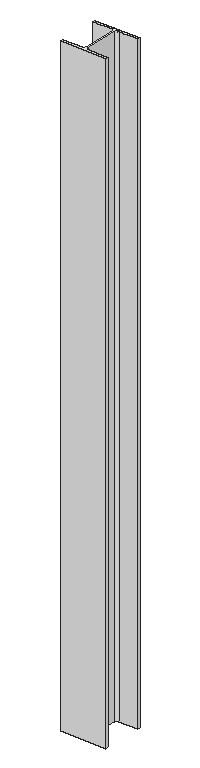
Revit family "28_HEA", category Structural Columns, Revit 2019
Family settings
  Section Shape = Not Defined
  Material for Model Behavior = Steel
  Always export as geometry = No
  Beam cutback in plan = From bounding box
  Cut with Voids When Loaded = No
  Symbolic Representation = From Project Settings
  Shared = No
  Show family pre-cut in plan views = Yes
Parameters (values of type "HEA180")
  Structural Material [instance] = Metal - Steel - 345 MPa
  Assembly Code = ""
  A = 0.003142 m²
  W = 0.24183
  bf = 180 mm
  d = 171 mm
  k = 20.5 mm
  kr = k - tf  # 11 mm
  tf = 9.5 mm
  tw = 6 mm
Types (5, lengths in mm): name | A | W | bf | d | k | kr | tf | tw
  HEA180 | 0.003142 m² | 0.24183 | 180 | 171 | 20.5 | 11 | 9.5 | 6
  HEA240 | 0.00768 m² | 0.59134 | 240 | 230 | 33 | 21 | 12 | 7.5
  HEA200 | 0.00538 m² | 0.41482 | 200 | 190 | 28 | 18 | 10 | 6.5
  HEA140 | 0.003142 m² | 0.24183 | 140 | 133 | 20.5 | 12 | 8.5 | 5.5
  HEA100 | 0.002124 m² | 0.16348 | 100 | 96 | 20 | 12 | 8 | 5
Reference planes
  plane 1: y = 0
  plane 2: z = 0
  plane 3: x = 0
  plane 4: x = -90
  plane 5: x = 90
  plane 6: y = 85.5
  plane 7: y = -85.5
  plane 8: x = -3.969
  plane 9: x = 3.969
Forms (mm)
  Extrusion 1, solid, material "Metal - Steel - 345 MPa" <- "Structural Material", detail levels medium
    sketch origin (0, 0, 0) x (1, 0, 0) y (0, 1, 0)
      loop
        line (-90, 85.5) -> (-90, 76) -> (-3, 76) -> (-3, -76) -> (-90, -76) -> (-90, -85.5) -> (90, -85.5) -> (90, -76) -> (3, -76) -> (3, 76) -> (90, 76) -> (90, 85.5) -> (-90, 85.5)
    from 0 to 2500
  Extrusion 2, solid, material "Metal - Steel - 345 MPa" <- "Structural Material", detail levels fine
    sketch origin (0, 0, 0) x (1, 0, 0) y (0, 1, 0)
      loop
        line (-90, 85.5) -> (-90, 76) -> (-14, 76)
        arc (-14, 76) -> (-6.222, 72.778) -> (-3, 65) r 11
        line (-3, 65) -> (-3, -65)
        arc (-3, -65) -> (-6.222, -72.778) -> (-14, -76) r 11
        line (-14, -76) -> (-90, -76) -> (-90, -85.5) -> (90, -85.5) -> (90, -76) -> (14, -76)
        arc (14, -76) -> (6.222, -72.778) -> (3, -65) r 11
        line (3, -65) -> (3, 65)
        arc (3, 65) -> (6.222, 72.778) -> (14, 76) r 11
        line (14, 76) -> (90, 76) -> (90, 85.5) -> (-90, 85.5)
    from 0 to 2500
Lines and regions (mm)
  symbolic lines, style "StructuralColumnStickSymbols", detail levels coarse
    curve 1: line (-90, 85.5, 0) -> (90, 85.5, 0)
    curve 2: line (-90, -85.5, 0) -> (90, -85.5, 0)
    curve 3: line (0, 85.5, 0) -> (0, -85.5, 0)
  symbolic lines, style "Hidden Faces", detail levels medium+fine
    curve 4: line (-3.969, 0, 0) -> (-3.969, 0, 2500)
    curve 5: line (3.969, 0, 2500) -> (3.969, 0, 0)
Dimensions and locks
  equal spacing: plane 4, plane 3, plane 5
  equal spacing: plane 7, plane 1, plane 6
  "d": plane 7 to plane 6
  "bf": plane 4 to plane 5
  "tf": plane 7 to Extrusion 1 sketch curve
  "tf": Extrusion 1 sketch curve to plane 6
  equal spacing: Extrusion 1 sketch curve, plane 3, Extrusion 1 sketch curve
  "tw": Extrusion 1 sketch curve to Extrusion 1 sketch curve
  "kr": radius of Extrusion 2 sketch curve  (x4)
  aligned and locked: plane 6 to Extrusion 1 sketch curve
  aligned and locked: Extrusion 1 sketch curve to plane 7
  aligned and locked: Extrusion 1 sketch curve to plane 4  (x2)
  aligned and locked: plane 5 to Extrusion 1 sketch curve  (x2)
  aligned and locked: Extrusion 1 sketch curve to Extrusion 1 sketch curve  (x2)
  aligned and locked: level to Extrusion 1
  aligned and locked: level to plane 2
  aligned and locked: Extrusion 1 to plane 2
  aligned and locked: plane 6 to Extrusion 2 sketch curve
  aligned and locked: plane 5 to Extrusion 2 sketch curve  (x2)
  aligned and locked: Extrusion 2 sketch curve to plane 4  (x2)
  aligned and locked: Extrusion 2 sketch curve to Extrusion 1  (x6)
  aligned and locked: Extrusion 2 sketch curve to plane 7
  aligned and locked: level to Extrusion 2
  aligned and locked: Extrusion 2 to level
Automatic sketch dimensions
  curve 2 to plane 4 = 0 mm
  curve 1 to plane 4 = 0 mm
  curve 3 to plane 3 = 0 mm
  curve 2 to plane 5 = 0 mm
  curve 1 to plane 5 = 0 mm
  curve 3 to plane 7 = 0 mm
  curve 3 to plane 6 = 0 mm
  curve 4 to level = 0 mm  (x2)
  curve 4 to plane 8 = 0 mm
  curve 5 to level = 0 mm  (x2)
  curve 5 to plane 9 = 0 mm
